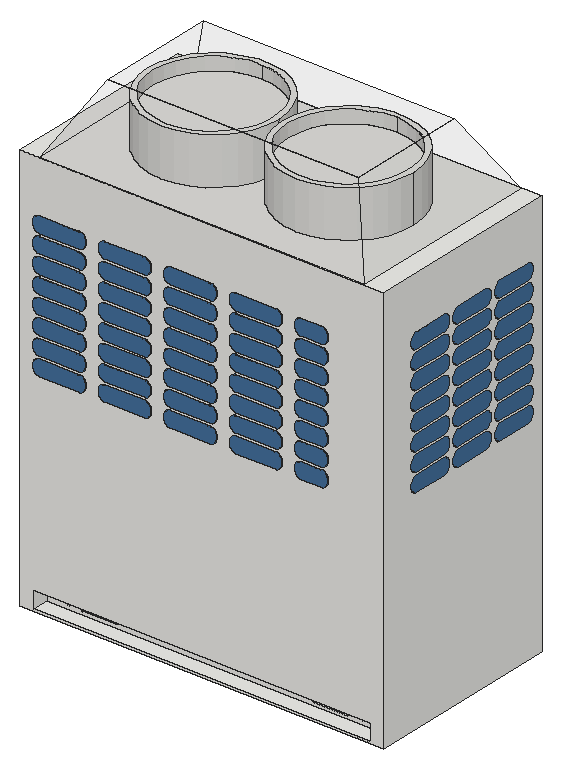
Revit family "bimlib_narujnyeblokisistemakondicionirovaniya_mrv_iii-c_plus_haier", category Оборудование, Revit 2020 (continued)
Nested families
  nested 76: "BIMLIB_Прямоугольник_решётка_DB" at (-695, -260, 1117.392) x (0, 1, 0) z (-1, 0, 0), type ""
    with ADSK_Размер_Длина 180.00 mm, ADSK_Размер_Глубина 1.00 mm, ADSK_Размер_Высота 60.00 mm
  nested 77: "BIMLIB_Прямоугольник_решётка_DB" at (-695, -60, 1117.392) x (0, 1, 0) z (-1, 0, 0), type ""
    with ADSK_Размер_Длина 180.00 mm, ADSK_Размер_Глубина 1.00 mm, ADSK_Размер_Высота 60.00 mm
  nested 78: "BIMLIB_Прямоугольник_решётка_DB" at (-695, 140, 1117.392) x (0, 1, 0) z (-1, 0, 0), type ""
    with ADSK_Размер_Длина 180.00 mm, ADSK_Размер_Глубина 1.00 mm, ADSK_Размер_Высота 60.00 mm
  nested 79: "BIMLIB_Прямоугольник_решётка_DB" at (-695, -260, 1047.392) x (0, 1, 0) z (-1, 0, 0), type ""
    with ADSK_Размер_Длина 180.00 mm, ADSK_Размер_Глубина 1.00 mm, ADSK_Размер_Высота 60.00 mm
  nested 80: "BIMLIB_Прямоугольник_решётка_DB" at (-695, -60, 1047.392) x (0, 1, 0) z (-1, 0, 0), type ""
    with ADSK_Размер_Длина 180.00 mm, ADSK_Размер_Глубина 1.00 mm, ADSK_Размер_Высота 60.00 mm
  nested 81: "BIMLIB_Прямоугольник_решётка_DB" at (-695, 140, 1047.392) x (0, 1, 0) z (-1, 0, 0), type ""
    with ADSK_Размер_Длина 180.00 mm, ADSK_Размер_Глубина 1.00 mm, ADSK_Размер_Высота 60.00 mm
  nested 82: "BIMLIB_Прямоугольник_решётка_DB" at (-695, -260, 977.392) x (0, 1, 0) z (-1, 0, 0), type ""
    with ADSK_Размер_Длина 180.00 mm, ADSK_Размер_Глубина 1.00 mm, ADSK_Размер_Высота 60.00 mm
  nested 83: "BIMLIB_Прямоугольник_решётка_DB" at (-695, -60, 977.392) x (0, 1, 0) z (-1, 0, 0), type ""
    with ADSK_Размер_Длина 180.00 mm, ADSK_Размер_Глубина 1.00 mm, ADSK_Размер_Высота 60.00 mm
  nested 84: "BIMLIB_Прямоугольник_решётка_DB" at (-695, 140, 977.392) x (0, 1, 0) z (-1, 0, 0), type ""
    with ADSK_Размер_Длина 180.00 mm, ADSK_Размер_Глубина 1.00 mm, ADSK_Размер_Высота 60.00 mm
  nested 85: "BIMLIB_Прямоугольник_решётка_DB" at (-695, -260, 907.392) x (0, 1, 0) z (-1, 0, 0), type ""
    with ADSK_Размер_Длина 180.00 mm, ADSK_Размер_Глубина 1.00 mm, ADSK_Размер_Высота 60.00 mm
  nested 86: "BIMLIB_Прямоугольник_решётка_DB" at (-695, -60, 907.392) x (0, 1, 0) z (-1, 0, 0), type ""
    with ADSK_Размер_Длина 180.00 mm, ADSK_Размер_Глубина 1.00 mm, ADSK_Размер_Высота 60.00 mm
  nested 87: "BIMLIB_Прямоугольник_решётка_DB" at (-695, 140, 907.392) x (0, 1, 0) z (-1, 0, 0), type ""
    with ADSK_Размер_Длина 180.00 mm, ADSK_Размер_Глубина 1.00 mm, ADSK_Размер_Высота 60.00 mm
  nested 88: "BIMLIB_Прямоугольник_решётка_DB" at (-695, -260, 837.392) x (0, 1, 0) z (-1, 0, 0), type ""
    with ADSK_Размер_Длина 180.00 mm, ADSK_Размер_Глубина 1.00 mm, ADSK_Размер_Высота 60.00 mm
  nested 89: "BIMLIB_Прямоугольник_решётка_DB" at (-695, -60, 837.392) x (0, 1, 0) z (-1, 0, 0), type ""
    with ADSK_Размер_Длина 180.00 mm, ADSK_Размер_Глубина 1.00 mm, ADSK_Размер_Высота 60.00 mm
  nested 90: "BIMLIB_Прямоугольник_решётка_DB" at (-695, 140, 837.392) x (0, 1, 0) z (-1, 0, 0), type ""
    with ADSK_Размер_Длина 180.00 mm, ADSK_Размер_Глубина 1.00 mm, ADSK_Размер_Высота 60.00 mm
  nested 91: "BIMLIB_Прямоугольник_решётка_DB" at (-695, 305, 1327.392) x (0, 1, 0) z (-1, 0, 0), type ""
    with ADSK_Размер_Длина 100.00 mm, ADSK_Размер_Глубина 1.00 mm, ADSK_Размер_Высота 60.00 mm
  nested 92: "BIMLIB_Прямоугольник_решётка_DB" at (-695, 305, 1257.392) x (0, 1, 0) z (-1, 0, 0), type ""
    with ADSK_Размер_Длина 100.00 mm, ADSK_Размер_Глубина 1.00 mm, ADSK_Размер_Высота 60.00 mm
  nested 93: "BIMLIB_Прямоугольник_решётка_DB" at (-695, 305, 1187.392) x (0, 1, 0) z (-1, 0, 0), type ""
    with ADSK_Размер_Длина 100.00 mm, ADSK_Размер_Глубина 1.00 mm, ADSK_Размер_Высота 60.00 mm
  nested 94: "BIMLIB_Прямоугольник_решётка_DB" at (-695, 305, 1117.392) x (0, 1, 0) z (-1, 0, 0), type ""
    with ADSK_Размер_Длина 100.00 mm, ADSK_Размер_Глубина 1.00 mm, ADSK_Размер_Высота 60.00 mm
  nested 95: "BIMLIB_Прямоугольник_решётка_DB" at (-695, 305, 1047.392) x (0, 1, 0) z (-1, 0, 0), type ""
    with ADSK_Размер_Длина 100.00 mm, ADSK_Размер_Глубина 1.00 mm, ADSK_Размер_Высота 60.00 mm
  nested 96: "BIMLIB_Прямоугольник_решётка_DB" at (-695, 305, 977.392) x (0, 1, 0) z (-1, 0, 0), type ""
    with ADSK_Размер_Длина 100.00 mm, ADSK_Размер_Глубина 1.00 mm, ADSK_Размер_Высота 60.00 mm
  nested 97: "BIMLIB_Прямоугольник_решётка_DB" at (-695, 305, 907.392) x (0, 1, 0) z (-1, 0, 0), type ""
    with ADSK_Размер_Длина 100.00 mm, ADSK_Размер_Глубина 1.00 mm, ADSK_Размер_Высота 60.00 mm
  nested 98: "BIMLIB_Прямоугольник_решётка_DB" at (-695, 305, 837.392) x (0, 1, 0) z (-1, 0, 0), type ""
    with ADSK_Размер_Длина 100.00 mm, ADSK_Размер_Глубина 1.00 mm, ADSK_Размер_Высота 60.00 mm
  nested 99: "BIMLIB_КоннекторВращения" at (605, -375, 140), a setting <- "Смещение по h_жидкость", Диаметр коннектора <- "Диаметр_Жидкость", Вращение_XY <- "Вращение коннектора_1", Вращение_ZY <- "Вращение коннектора_2", type ""
    with Диаметр коннектора 12.70 mm, Вращение_ZY 90.00°, Вращение_XY 90.00°, ZX yes, ADSK_Материал none
  nested 100: "BIMLIB_КоннекторВращения" at (605, -375, 120), a setting <- "Смещение по h_газ", Диаметр коннектора <- "Диаметр_Газ", Вращение_XY <- "Вращение коннектора_1", Вращение_ZY <- "Вращение коннектора_2", type ""
    with Диаметр коннектора 28.58 mm, Вращение_ZY 90.00°, Вращение_XY 90.00°, ZX yes, ADSK_Материал none
Connectors
  electrical at (0, 0, 70), driven by "ADSK_Количество фаз", driven by "ADSK_Напряжение", driven by "ADSK_Коэффициент мощности", driven by "ADSK_Классификация нагрузок", driven by "ADSK_Полная мощность"
    settings: on cut or joined group of Extrusion 1, Extrusion 2, Extrusion 3, Extrusion 4, Extrusion 5, index 4, voltage 400 V, apparent load 12610 VA, apparent load phase1 0 VA, apparent load phase2 0 VA, apparent load phase3 0 VA, power factor 1, load classification "ОВК", number of poles 3, system type 30, power factor state 1, is connector primary yes, connector utility no, sub classification motor no, connector description "Электрический соеденитель"
  piping at (605, -376, 120), diameter 28.58, driven by "Диаметр_Газ", driven by "ADSK_Расход жидкости"
    settings: on nested 100, index 5, connector inside diameter 609.6 mm, connector length 0.00 mm, flow factor 0, pipe flow 0.0 L/s, pressure drop 0.0 Pa, fitting loss kfactor 0, connector angle 0.00°, fixture units 0, engagement length 0.00 mm, angle of deflection 0.00°, flow configuration 0, flow direction 1, fitting loss method 0, system type 8, joint type 0, gender type 0, connector reference index 6, connector utility 0, adjustable connector no, is connector primary yes, connector description "Линия газа"
  piping at (605, -376, 140), diameter 12.7, driven by "Диаметр_Жидкость", driven by "ADSK_Расход жидкости"
    settings: on nested 99, index 6, connector inside diameter 609.6 mm, connector length 0.00 mm, flow factor 0, pipe flow 0.0 L/s, pressure drop 0.0 Pa, fitting loss kfactor 0, connector angle 0.00°, fixture units 0, engagement length 0.00 mm, angle of deflection 0.00°, flow configuration 0, flow direction 2, fitting loss method 0, system type 7, joint type 0, gender type 0, connector reference index 5, connector utility 0, adjustable connector no, is connector primary no, connector description "Линия жидкости"
Definition of nested family "BIMLIB_ЗонаОбслуживания_DB"
  Parameters (values of type "BIMLIB_ЗонаОбслуживания_Haier")
    Default Elevation = 0.00 mm
    Зона обслуживания_Справа [instance] = 653.266 mm
    Зона обслуживания_Спереди [instance] = 481.574 mm
    Зона обслуживания_Слева [instance] = 454.692 mm
    Зона обслуживания_Сзади [instance] = 622.113 mm
    Зона обслуживания_Сверху [instance] = 760.748 mm
    ADSK_Размер_Ширина = 980.00 mm
    ADSK_Размер_Глубина = 750.00 mm
    ADSK_Размер_Высота = 1690.00 mm
  Reference planes
    plane 1 "По центру (Вперед/Назад)": y = 0
    plane 2: z = 0
    plane 3 "По центру (Влево/Вправо)": x = 0
    plane 4: y = 375
    plane 5: y = -375
    plane 6: x = 490
    plane 7: x = -490
    plane 8: x = -944.692
    plane 9: y = 997.113
    plane 10: x = 1143.266
    plane 11: y = -856.574
    plane 12: z = 1690
    plane 13: z = 2450.748
  Forms (mm)
    Extrusion 1, solid
      sketch origin (0, 0, 0) x (1, 0, 0) y (0, 1, 0)
        loop
          line (-490, 375) -> (-944.692, 375) -> (-944.692, -375) -> (-490, -375) -> (-490, 375)
      from 0 to 1690
    Extrusion 2, solid
      sketch origin (0, 0, 0) x (1, 0, 0) y (0, 1, 0)
        loop
          line (-490, -375) -> (-490, -856.574) -> (490, -856.574) -> (490, -375) -> (-490, -375)
      from 0 to 1690
    Extrusion 3, solid
      sketch origin (0, 0, 0) x (1, 0, 0) y (0, 1, 0)
        loop
          line (490, 375) -> (490, -375) -> (1143.266, -375) -> (1143.266, 375) -> (490, 375)
      from 0 to 1690
    Extrusion 4, solid
      sketch origin (0, 0, 0) x (1, 0, 0) y (0, 1, 0)
        loop
          line (-490, 997.113) -> (-490, 375) -> (490, 375) -> (490, 997.113) -> (-490, 997.113)
      from 0 to 1690
    Extrusion 5, solid
      sketch origin (0, 0, 0) x (1, 0, 0) y (0, 0, 1)
        loop
          line (-490, 2450.748) -> (-490, 1690) -> (490, 1690) -> (490, 2450.748) -> (-490, 2450.748)
      from -375 to 375
  Dimensions and locks
    "ADSK_Размер_Ширина": plane 7 to plane 6
    equal spacing: plane 7, plane 3 "По центру (Влево/Вправо)", plane 6
    equal spacing: plane 4, plane 1 "По центру (Вперед/Назад)", plane 5
    "ADSK_Размер_Глубина": plane 4 to plane 5
    "Зона обслуживания_Слева": plane 8 to plane 7
    "Зона обслуживания_Справа": plane 6 to plane 10
    "Зона обслуживания_Сзади": plane 9 to plane 4
    "Зона обслуживания_Спереди": plane 5 to plane 11
    "ADSK_Размер_Высота": plane 12 to plane 2
    "Зона обслуживания_Сверху": plane 13 to plane 12
    aligned and locked: level to plane 2
    aligned and locked: plane 7 to Extrusion 1
    aligned and locked: plane 4 to Extrusion 1
    aligned and locked: Extrusion 1 to plane 5
    aligned and locked: Extrusion 1 to plane 8
    aligned and locked: Extrusion 3 to plane 5
    aligned and locked: Extrusion 3 to plane 6
    aligned and locked: plane 10 to Extrusion 3
    aligned and locked: Extrusion 2 to plane 6
    aligned and locked: plane 5 to Extrusion 2
    aligned and locked: Extrusion 2 to plane 7
    aligned and locked: Extrusion 2 to plane 11
    aligned and locked: Extrusion 4 to plane 4
    aligned and locked: Extrusion 4 to plane 7
    aligned and locked: plane 6 to Extrusion 4
    aligned and locked: plane 9 to Extrusion 4
    aligned and locked: Extrusion 3 to plane 4
    aligned and locked: plane 12 to Extrusion 1
    aligned and locked: plane 12 to Extrusion 2
    aligned and locked: plane 12 to Extrusion 3
    aligned and locked: plane 12 to Extrusion 4
    aligned and locked: plane 13 to Extrusion 5
    aligned and locked: Extrusion 5 to plane 7
    aligned and locked: Extrusion 5 to plane 12
    aligned and locked: plane 6 to Extrusion 5
    aligned and locked: plane 4 to Extrusion 5
    aligned and locked: Extrusion 5 to plane 5
  Automatic sketch dimensions
    Extrusion 1 sketch curve to plane 4 = 0.00 mm
    plane 5 to Extrusion 1 sketch curve = 0.00 mm
    Extrusion 1 sketch curve to plane 7 = 454.692 mm
    Extrusion 1 sketch curve to plane 7 = 0.00 mm
    plane 8 to Extrusion 2 sketch curve = 454.692 mm
    plane 6 to Extrusion 2 sketch curve = 0.00 mm
    plane 11 to Extrusion 2 sketch curve = 0.00 mm
    Extrusion 2 sketch curve to plane 5 = 0.00 mm
    plane 5 to Extrusion 3 sketch curve = 0.00 mm
    plane 6 to Extrusion 3 sketch curve = 0.00 mm
    Extrusion 3 sketch curve to plane 10 = 0.00 mm
    plane 4 to Extrusion 3 sketch curve = 0.00 mm
    plane 8 to Extrusion 4 sketch curve = 454.692 mm
    Extrusion 4 sketch curve to plane 10 = 653.266 mm
    Extrusion 4 sketch curve to plane 9 = 622.113 mm
    Extrusion 4 sketch curve to plane 9 = 0.00 mm
    plane 7 to Extrusion 5 sketch curve = 0.00 mm
    Extrusion 5 sketch curve to plane 6 = 0.00 mm
    plane 12 to Extrusion 5 sketch curve = 0.00 mm
    Extrusion 5 sketch curve to plane 13 = 0.00 mm
Definition of nested family "BIMLIB_Прямоугольник_решётка_DB"
  Parameters (values of type "BIMLIB_Параллелограмм_решётка_Haier")
    Default Elevation = 1219.20 mm
    Материал решёток = none
    ADSK_Размер_Длина [instance] = 460.00 mm
    ADSK_Размер_Глубина [instance] = 1.00 mm
    ADSK_Размер_Высота [instance] = 260.00 mm
  Reference planes
    plane 1 "По центру (Вперед/Назад)": y = 0
    plane 2: z = 0
    plane 3 "По центру (Влево/Вправо)": x = 0
    plane 4: x = -230
    plane 5: x = 230
    plane 6: y = 130
    plane 7: y = -130
  Forms (mm)
    Extrusion 1, solid, material <- "Материал решёток"
      sketch origin (0, 0, 0) x (1, 0, 0) y (0, 1, 0)
        loop
          arc (-230, -105) -> (-222.678, -122.678) -> (-205, -130) r 25
          line (-205, -130) -> (205, -130)
          arc (205, -130) -> (222.678, -122.678) -> (230, -105) r 25
          line (230, -105) -> (230, 104.759)
          arc (230, 104.759) -> (222.678, 122.437) -> (205, 129.759) r 25
          line (205, 129.759) -> (-205, 129.759)
          arc (-205, 129.759) -> (-222.678, 122.437) -> (-230, 104.759) r 25
          line (-230, 104.759) -> (-230, -105)
      from 0 to 1 <- "ADSK_Размер_Глубина"
  Dimensions and locks
    "ADSK_Размер_Длина": plane 4 to plane 5
    equal spacing: plane 4, plane 3 "По центру (Влево/Вправо)", plane 5
    equal spacing: plane 6, plane 1 "По центру (Вперед/Назад)", plane 7
    "ADSK_Размер_Высота": plane 6 to plane 7
    aligned and locked: level to plane 2
    aligned and locked: Extrusion 1 to plane 4
    aligned and locked: Extrusion 1 sketch curve to plane 5
    aligned and locked: plane 4 to Extrusion 1 sketch curve
  Automatic sketch dimensions
    Extrusion 1 sketch curve to plane 7 = 0.00 mm
    Extrusion 1 sketch curve to Extrusion 1 sketch curve = 25.00 mm
    Extrusion 1 sketch curve to plane 6 = 0.241 mm
    plane 4 to Extrusion 1 sketch curve = 25.00 mm
    Extrusion 1 sketch curve to plane 5 = 25.00 mm  (x2)
Definition of nested family "BIMLIB_КоннекторВращения"
  Parameters (values of type "BIMLIB_КоннекторВращения")
    Default Elevation = 0.00 mm
    Диаметр коннектора [instance] = 15.00 mm
    Вращение_ZY [instance] = 45.00°
    Вращение_XY [instance] = 90.00°
    ZX [instance] = yes
    ADSK_Материал [instance] = none
  Reference planes
    plane 1 "По центру (Вперед/Назад)": y = 0
    plane 2: z = 0
    plane 3 "По центру (Влево/Вправо)": x = 0
  Dimensions and locks
    aligned and locked: level to plane 2
  Nested families
    nested 1: "Коннекторы_Вращение" at (0, 0, 0) x (-1, 0, 0) z (0, -1, 0), Azx <- "Вращение_XY", ADSK_Материал <- "ADSK_Материал", ZX <- "ZX", type "Коннекторы_Вращение"
      with l 1.00 mm, a 5.00 mm, ZX yes, D 10.00 mm, Bzx 0.00°, Azx 90.00°, ADSK_Материал none
    nested 2: "Коннекторы_Вращение" at (0, 0, 0) x (0, 1, 0) z (0, 0, -1), Azx <- "Вращение_ZY", D <- "Диаметр коннектора", ADSK_Материал <- "ADSK_Материал", ZX <- "ZX", type ""
      with l 1.00 mm, a 5.00 mm, ZX yes, D 15.00 mm, Bzx -45.00°, Azx 45.00°, ADSK_Материал none
  Definition of nested family "Коннекторы_Вращение"
    Parameters (values of type "Коннекторы_Вращение")
      Default Elevation = 1219.20 mm
      l [instance] = 1.00 mm
      a [instance] = 5.00 mm  # constant formula
      ZX [instance] = yes
      D [instance] = 10.00 mm
      Bzx [instance] = Azx - 90.00°  # 0.00°
      Azx [instance] = 90.00°
      ADSK_Материал [instance] = none
    Reference planes
      plane 1 "По центру (Вперед/Назад)": y = 0
      plane 2: z = 0
      plane 3 "По центру (Влево/Вправо)": x = 0
    Forms (mm)
      Revolve 1, solid, material <- "ADSK_Материал", visible <- "ZX"
        sketch origin (0, -1.377, 0) x (0, 0, -1) y (0, 1, 0)
          loop
            line (0, 6.377) -> (-1, 6.377) -> (-1, 1.377) -> (0, 1.377) -> (0, 6.377)
          axis (0, 6.377) -> (0, 1.377)
        angle from 90 <- "Azx" to 0 <- "Bzx"
      Sweep 2, solid, material <- "ADSK_Материал"
        path in 3D
          loop
            line (0, 0, 0) -> (-1, 0, 0)
        profile origin (-0.5, 0, 0) x (0, 1, 0) y (0, 0, -1)
          loop
            circle (0, 0) r 5
    Lines and regions (mm)
      sketch lines
        curve 1: line (0, 0, 0) -> (-1, 0, 0)
    Dimensions and locks
      "a": Revolve 1 sketch curve to Revolve 1 sketch curve
      "D": radius of Sweep 2 sketch curve
    Automatic sketch dimensions
      Revolve 1 sketch curve to plane 1 "По центру (Вперед/Назад)" = 0.00 mm  (x2)
      Revolve 1 sketch curve to level = 0.00 mm  (x2)
      level to Revolve 1 sketch curve = 1.00 mm
      Revolve 1 sketch curve to Revolve 1 sketch curve = 0.00 mm
      Sweep 2 sketch curve to profile plane = 0.00 mm
      profile plane to Sweep 2 sketch curve = 0.00 mm
Definition of nested family "BIMLIB_АннотацияУГО_DB"
  Reference planes
    plane 1: y = 0
    plane 2: x = 0
  Text (mm)
    text "SA" at (0.22, 2.356, 0)
Types (5, lengths in mm): name | СторонаПодключения | Смещение по гор | Смещение по верт_жидкость | Смещение по верт_газ | Охлаждение_Номинальный ток | Охлаждение_Номинальная потребляемая мощность | Охлаждение_Максимальный ток | Охлаждение_Максимальная потребляемая мощность | Обогрев_Номинальный ток | Обогрев_Максимальный ток | Обогрев_Номинальная потребляемая мощность | Обогрев_Максимальная потребляемая мощность | Холодопроизводительность | Теплопроизводительность | Звуковое давление | Звуковая мощность | Заправка хладагента | Вращение коннектора_1 | Диаметр_Жидкость | Диаметр_Газ | ADSK_Расход воздуха | ADSK_Размер_Ширина | ADSK_Полная мощность | ADSK_Номинальная мощность | ADSK_Наименование краткое | ADSK_Наименование | ADSK_Масса | ADSK_Код изделия | ADSK_URL документации изделия | 8-10HP | 12-16HP
  AV08IMSEVA_8HP_HAIER | Подключение : Сбоку | 990.00 | 600.00 | 600.00 | 9.6 A | 5.83 kW | 23.1 A | 14.02 kW | 10.2 A | 21 A | 6.21 kW | 12.72 kW | 25.2 kW | 27.3 kW | "57" | "73" | 7.00 kg | 180.00° | 9.52 | 19.05 | 12200.0 m³/h | 990.00 | 5830 VA | 5830 W | "VRF-системы MRV III-C plus, 8HP" | "Наружный блок VRF-системы кондиционирования MRV III-C plus, 8HP" | 220 | "AV08IMSEVA" | "https://haierproff.ru/material/cond/tech/products/multizonalnie_sistemy_vrf/245/1516" | yes | no
  AV12IMSEVA_12HP_HAIER | Подключение : Спереди | 1300.00 | 750.00 | 750.00 | 15.1 A | 9.24 kW | 27.1 A | 16.58 kW | 15.2 A | 24.8 A | 9.32 kW | 15.2 kW | 33.5 kW | 37.5 kW | "59" | "76" | 8.50 kg | 90.00° | 12.70 | 25.40 | 14100.0 m³/h | 1390.00 | 9240 VA | 9240 W | "VRF-системы MRV III-C plus, 12HP" | "Наружный блок VRF-системы кондиционирования MRV III-C plus, 12HP" | 276 | "AV12IMSEVA" | "https://haierproff.ru/material/cond/tech/products/multizonalnie_sistemy_vrf/245/1238" | no | yes
  AV10IMSEVA_10HP_HAIER | Подключение : Сбоку | 990.00 | 600.00 | 600.00 | 11.9 A | 7.18 kW | 23.7 A | 14.38 kW | 12.4 A | 21.8 A | 7.5 kW | 13.23 kW | 28 kW | 31.5 kW | "57" | "73" | 7.00 kg | 180.00° | 9.52 | 22.22 | 12200.0 m³/h | 990.00 | 7180 VA | 7180 W | "VRF-системы MRV III-C plus, 10HP" | "Наружный блок VRF-системы кондиционирования MRV III-C plus, 10HP" | 220 | "AV10IMSEVA" | "https://haierproff.ru/material/cond/tech/products/multizonalnie_sistemy_vrf/245" | yes | no
  AV14IMSEVA_14HP_HAIER | Подключение : Спереди | 1300.00 | 750.00 | 750.00 | 17.4 A | 10.8 kW | 28.4 A | 16.91 kW | 18 A | 25.2 A | 11.14 kW | 15.6 kW | 40 kW | 45 kW | "59" | "76" | 8.50 kg | 90.00° | 12.70 | 25.40 | 15200.0 m³/h | 1390.00 | 10800 VA | 10800 W | "VRF-системы MRV III-C plus, 14HP" | "Наружный блок VRF-системы кондиционирования MRV III-C plus, 14HP" | 276 | "AV14IMSEVA" | "https://haierproff.ru/material/cond/tech/products/multizonalnie_sistemy_vrf/245/1239" | no | yes
  AV16IMSEVA_16HP_HAIER | Подключение : Спереди | 1300.00 | 750.00 | 750.00 | 20.2 A | 12.61 kW | 31.6 A | 19.99 kW | 20.4 A | 27.3 A | 12.74 kW | 17.1 kW | 45 kW | 50 kW | "60" | "76" | 10.00 kg | 90.00° | 12.70 | 28.58 | 15200.0 m³/h | 1390.00 | 12610 VA | 12610 W | "VRF-системы MRV III-C plus, 16HP" | "Наружный блок VRF-системы кондиционирования MRV III-C plus, 16HP" | 296 | "AV16IMSEVA" | "https://haierproff.ru/material/cond/tech/products/multizonalnie_sistemy_vrf/245/1240" | no | yes
